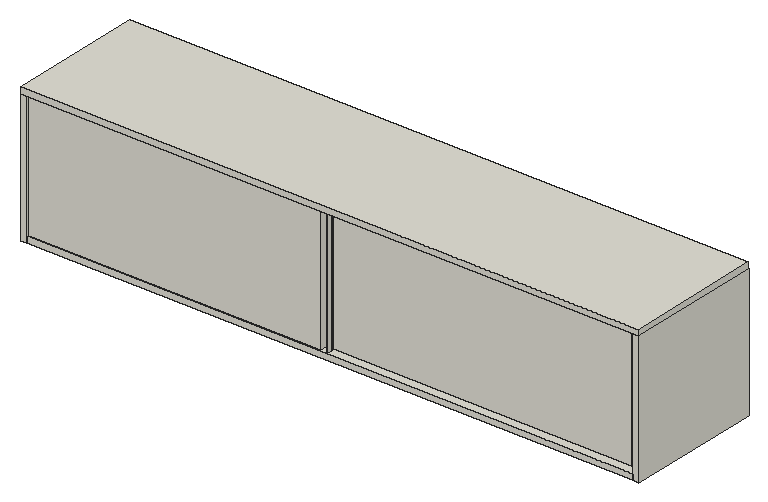
Revit family "Haworth_BeHold_OverheadStorage_SlidingDoor", category Furniture Systems, Revit 2018
Family settings
  Round Connector Dimension = Use Diameter
  Part Type = Normal
  OmniClass Number = 23.40.70.14.64.21
  OmniClass Title = Systems Furniture
  Work Plane-Based = No
  Always vertical = Yes
  Cut with Voids When Loaded = No
  Shared = No
  Room Calculation Point = No
Parameters (values of type "16h 72w - Double Sided")
  Width = 72.00"
  Warranty = "http://www.haworth.com/resources/product-info/warranties"
  URL - Product = "https://www.haworth.com/products/storage/cabinets-towers/be_hold"
  URL = "www.haworth.com"
  Sustainability Info = "https://www.haworth.com/company-info/sustainability"
  Standard Widths = "36, 42, 48, 54, 60, 66, 72in"  # constant formula
  Size = "Verify Final Dim. w/ Haworth"  # constant formula
  Single Sided = no
  Revision Number = "1"  # constant formula
  Mounting Height = 22.00"
  Model = "Haworth Be_Hold"  # constant formula
  Min. Width = 36.00"  # constant formula
  Max. Width = 72.00"  # constant formula
  Manufacturer = "Haworth"  # constant formula
  Double Sided Slots = not(Single Sided)  # yes
  Description = "Haworth - Be_Hold - Overhead Storage Unit - Sliding Door - Double Sided - 16h 72w"
  Custom Size = not(or(Width = 36.00", Width = 42.00", Width = 48.00", Width = 54.00", Width = 60.00", Width = 66.00", Width = 72.00"))  # no
  Cabinet Finish = Haworth _ Laminate _ Beige H-34
  Back Finish = Haworth _ Laminate _ Beige H-34
  Author = "Haworth (Abd Rahman)"  # constant formula
  Assembly Code = "E2020200"
  Actual Width = if(Width < Min. Width, Min. Width, if(Width > Max. Width, Max. Width, Width))  # 72.00"
  Actual Height = 16.00"  # constant formula
  Actual Depth = 15.94"  # constant formula
Types (4): name | Width | Single Sided | Double Sided Slots | Description | Actual Width
  16h 36w - Single Sided | 36.00" | yes | no | "Haworth - Be_Hold - Overhead Storage Unit - Sliding Door - Single Sided - 16h 36w" | 36.00"
  16h 72w - Single Sided | 72.00" | yes | no | "Haworth - Be_Hold - Overhead Storage Unit - Sliding Door - Single Sided - 16h 72w" | 72.00"
  16h 72w - Double Sided | 72.00" | no | yes | "Haworth - Be_Hold - Overhead Storage Unit - Sliding Door - Double Sided - 16h 72w" | 72.00"
  16h 36w - Double Sided | 36.00" | no | yes | "Haworth - Be_Hold - Overhead Storage Unit - Sliding Door - Double Sided - 16h 36w" | 36.00"
Reference planes (in)
  plane 1: z = 22
  plane 2 "Center L/R": x = -6.17556
  plane 3 "Center F/B": y = -11.5
  plane 4 "Top": z = 38
  plane 5 "Back": y = -3.53
  plane 6 "Front": y = -19.47
  plane 7 "Right": x = 29.82444
  plane 8 "Left": x = -42.17556
  plane 9: z = 37.28409
  plane 10: y = -5.01688
  plane 11: x = 29.07444
  plane 12: x = -41.42556
  plane 13: z = 22.71591
  plane 14: y = -4.33908
  plane 15: x = -6.53818
  plane 16: x = -5.78227
  plane 17: x = -7.30757
  plane 18: x = -41.32804
  plane 19: x = 28.21696
  plane 20: y = -17.65765
  plane 21: y = -18.40765
  plane 22: y = -18.53176
  plane 23: y = -19.28176
  plane 24: y = -4.59235
  plane 25: y = -5.34235
  plane 26: y = -4.46824
  plane 27: y = -3.71824
  plane 28: z = 24.32
Forms (in)
  Extrusion 1, solid, material "Haworth _ Laminate _ Beige H-34" <- "Cabinet Finish"
    sketch origin (0, 0, 0) x (1, 0, 0) y (0, 1, 0)
      loop
        line (-42.17556, -3.53) -> (-42.17556, -19.47) -> (29.82444, -19.47) -> (29.82444, -3.53) -> (-42.17556, -3.53)
    from 37.28409 to 38
  Extrusion 2, solid, material "Haworth _ Laminate _ Beige H-34" <- "Cabinet Finish", visible <- "Single Sided"
    sketch origin (0, 2.625, 0) x (1, 0, 0) y (0, 1, 0)
      loop
        line (-41.42556, -6.96408) -> (-41.42556, -7.64188) -> (29.07444, -7.64188) -> (29.07444, -6.96408) -> (-41.42556, -6.96408)
    from 22.71591 to 37.28409
  Extrusion 3, solid, material "Haworth _ Laminate _ Beige H-34" <- "Cabinet Finish"
    sketch origin (0, 0, 0) x (1, 0, 0) y (0, 1, 0)
      loop
        line (29.07444, -3.53) -> (29.07444, -19.47) -> (29.82444, -19.47) -> (29.82444, -3.53) -> (29.07444, -3.53)
    from 22 to 37.28409
  Extrusion 4, solid, material "Haworth _ Laminate _ Beige H-34" <- "Cabinet Finish"
    sketch origin (0, 0, 0) x (1, 0, 0) y (0, 1, 0)
      loop
        line (-42.17556, -3.53) -> (-42.17556, -19.47) -> (-41.42556, -19.47) -> (-41.42556, -3.53) -> (-42.17556, -3.53)
    from 22 to 37.28409
  Extrusion 5, solid, material "Haworth _ Laminate _ Beige H-34" <- "Cabinet Finish"
    sketch origin (0, 0, 6.71591) x (1, 0, 0) y (0, 1, 0)
      loop
        line (-41.42556, -3.53) -> (-41.42556, -19.47) -> (29.07444, -19.47) -> (29.07444, -3.53) -> (-41.42556, -3.53)
    from 16 to 15.28409
  Extrusion 6, solid, material "Haworth _ Laminate _ Beige H-34" <- "Cabinet Finish"
    sketch origin (0, 0, 0) x (1, 0, 0) y (0, 1, 0)
      loop
        line (-6.53818, -5.01688) -> (-6.53818, -17.53265) -> (-5.78227, -17.53265) -> (-5.78227, -5.01688) -> (-6.53818, -5.01688)
    from 22.71591 to 37.28409
  Extrusion 7, solid, material "Haworth _ Laminate _ Beige H-34" <- "Cabinet Finish"
    sketch origin (0, 0, 0) x (1, 0, 0) y (0, 1, 0)
      loop
        line (28.21696, -18.40765) -> (28.21696, -17.65765) -> (-6.53818, -17.65765) -> (-6.53818, -18.40765) -> (28.21696, -18.40765)
    from 22.71591 to 37.28409
  Extrusion 8, solid, material "Haworth _ Laminate _ Beige H-34" <- "Cabinet Finish"
    sketch origin (0, 0, 0) x (1, 0, 0) y (0, 1, 0)
      loop
        line (-41.32804, -18.53176) -> (-41.32804, -19.28176) -> (-7.30757, -19.28176) -> (-7.30757, -18.53176) -> (-41.32804, -18.53176)
    from 22.71591 to 37.28409
  Extrusion 9, solid, material "Haworth _ Laminate _ Beige H-34" <- "Cabinet Finish"
    sketch origin (0, 0, 0) x (1, 0, 0) y (0, 1, 0)
      loop
        line (-6.82589, -18.44265) -> (-8.03554, -18.44265) -> (-8.03554, -18.53265) -> (-6.81921, -18.53265)
        arc (-6.81921, -18.53265) -> (-6.68227, -18.58937) -> (-6.62554, -18.72632) r 0.19367
        line (-6.62554, -18.72632) -> (-6.62554, -19.28265) -> (-6.53554, -19.28265) -> (-6.53554, -18.73299)
        arc (-6.53554, -18.73299) -> (-6.62058, -18.52769) -> (-6.82589, -18.44265) r 0.29034
    from 22.71591 to 37.28409
  Extrusion 10, solid, material "Haworth _ Laminate _ Beige H-34" <- "Cabinet Finish"
    sketch origin (35.5425, 0.87461, 0) x (1, 0, 0) y (0, 1, 0)
      loop
        line (-6.82589, -18.44265) -> (-8.03554, -18.44265) -> (-8.03554, -18.53265) -> (-6.81921, -18.53265)
        arc (-6.81921, -18.53265) -> (-6.68227, -18.58937) -> (-6.62554, -18.72632) r 0.19367
        line (-6.62554, -18.72632) -> (-6.62554, -19.28265) -> (-6.53554, -19.28265) -> (-6.53554, -18.73299)
        arc (-6.53554, -18.73299) -> (-6.62058, -18.52769) -> (-6.82589, -18.44265) r 0.29034
    from 22.71591 to 37.28409
  Revolve 11, solid, material "Haworth _ Laminate _ Beige H-34" <- "Cabinet Finish", visible <- "Single Sided"
    sketch origin (0, 0, 24.32) x (1, 0, 0) y (0, 1, 0)
      loop
        line (-5.8813, -18.40765) -> (-5.8813, -18.53265) -> (-5.5688, -18.53265)
        arc (-5.5688, -18.53265) -> (-5.48041, -18.49603) -> (-5.4438, -18.40765) r 0.125
        line (-5.4438, -18.40765) -> (-5.8813, -18.40765)
      axis (-5.8813, -18.40765) -> (-5.8813, -18.53265)
    angle from 0 to 360
  Extrusion 12, solid, material "Haworth _ Laminate _ Beige H-34" <- "Cabinet Finish", visible <- "Double Sided Slots"
    sketch origin (0, -23, 0) x (1, 0, 0) y (0, 1, 0)
      loop
        line (28.21696, 18.40765) -> (-6.53818, 18.40765) -> (-6.53818, 17.65765) -> (28.21696, 17.65765) -> (28.21696, 18.40765)
    from 22.71591 to 37.28409
  Extrusion 13, solid, material "Haworth _ Laminate _ Beige H-34" <- "Cabinet Finish", visible <- "Double Sided Slots"
    sketch origin (0, -23, 0) x (1, 0, 0) y (0, 1, 0)
      loop
        line (-41.32804, 18.53176) -> (-7.30757, 18.53176) -> (-7.30757, 19.28176) -> (-41.32804, 19.28176) -> (-41.32804, 18.53176)
    from 22.71591 to 37.28409
  Extrusion 14, solid, material "Haworth _ Laminate _ Beige H-34" <- "Cabinet Finish", visible <- "Double Sided Slots"
    sketch origin (0, -23, 0) x (1, 0, 0) y (0, 1, 0)
      loop
        arc (-6.82589, 18.44265) -> (-6.62058, 18.52769) -> (-6.53554, 18.73299) r 0.29034
        line (-6.53554, 18.73299) -> (-6.53554, 19.28265) -> (-6.62554, 19.28265) -> (-6.62554, 18.72632)
        arc (-6.62554, 18.72632) -> (-6.68227, 18.58937) -> (-6.81921, 18.53265) r 0.19367
        line (-6.81921, 18.53265) -> (-8.03554, 18.53265) -> (-8.03554, 18.44265) -> (-6.82589, 18.44265)
    from 22.71591 to 37.28409
  Extrusion 15, solid, material "Haworth _ Laminate _ Beige H-34" <- "Cabinet Finish", visible <- "Double Sided Slots"
    sketch origin (35.5425, -23.87461, 0) x (1, 0, 0) y (0, 1, 0)
      loop
        arc (-6.82589, 18.44265) -> (-6.62058, 18.52769) -> (-6.53554, 18.73299) r 0.29034
        line (-6.53554, 18.73299) -> (-6.53554, 19.28265) -> (-6.62554, 19.28265) -> (-6.62554, 18.72632)
        arc (-6.62554, 18.72632) -> (-6.68227, 18.58937) -> (-6.81921, 18.53265) r 0.19367
        line (-6.81921, 18.53265) -> (-8.03554, 18.53265) -> (-8.03554, 18.44265) -> (-6.82589, 18.44265)
    from 22.71591 to 37.28409
Lines and regions (in)
  Masking region 1
    outline origin (0, 0, 0) x (1, 0, 0) y (0, 1, 0)
      loop
        line (-42.17556, -3.53) -> (-42.17556, -19.47) -> (29.82444, -19.47) -> (29.82444, -3.53) -> (-42.17556, -3.53)
Dimensions and locks (in)
  equal spacing: plane 8 "Left", plane 2 "Center L/R", plane 7 "Right"
  "Actual Width": plane 8 "Left" to plane 7 "Right"
  equal spacing: plane 5 "Back", plane 3 "Center F/B", plane 6 "Front"
  "Actual Depth": plane 5 "Back" to plane 6 "Front"
  plane 11 to plane 7 "Right" = 0.75"
  plane 8 "Left" to plane 12 = 0.75"
  locked: plane 4 "Top" to plane 9 at 0.71591
  plane 14 to plane 10 = 0.6778"
  locked: plane 19 to plane 11 at 0.85749
  locked: plane 12 to plane 18 at 0.09752
  locked: plane 17 to plane 2 "Center L/R" at 1.13202
  locked: plane 25 to plane 24 at 0.75
  locked: plane 20 to plane 21 at 0.75
  locked: plane 23 to plane 22 at 0.75
  locked: plane 26 to plane 27 at 0.75
  locked: plane 13 to plane 1 at 0.71591
  "Actual Height": plane 4 "Top" to plane 1
  "Mounting Height": plane 1 to level
  locked: plane 28 to plane 13 at 1.60409
  aligned and locked: plane 7 "Right" to Extrusion 1
  aligned and locked: plane 5 "Back" to Extrusion 1
  aligned and locked: Extrusion 1 to plane 8 "Left"
  aligned and locked: Extrusion 1 to plane 6 "Front"
  aligned and locked: plane 4 "Top" to Extrusion 1
  aligned and locked: Extrusion 1 to plane 9
  aligned and locked: Extrusion 3 sketch curve to plane 5 "Back"
  aligned and locked: Extrusion 3 sketch curve to Extrusion 1  (x2)
  aligned and locked: Extrusion 4 sketch curve to Extrusion 1  (x2)
  aligned and locked: plane 6 "Front" to Extrusion 4 sketch curve
  aligned and locked: Extrusion 4 to plane 12
  aligned and locked: Extrusion 3 sketch curve to plane 11
  aligned and locked: plane 11 to Extrusion 2 sketch curve
  aligned and locked: Extrusion 3 to plane 1
  aligned and locked: Extrusion 4 to plane 1
  aligned and locked: Extrusion 2 to plane 9
  aligned and locked: Extrusion 3 to plane 9
  aligned and locked: plane 9 to Extrusion 4
  aligned and locked: Extrusion 2 sketch curve to plane 12
  aligned and locked: plane 14 to Extrusion 2
  aligned and locked: Extrusion 2 to plane 10
  aligned and locked: plane 16 to Extrusion 6 sketch curve
  aligned and locked: Extrusion 6 sketch curve to plane 15
  aligned and locked: plane 10 to Extrusion 6 sketch curve
  aligned and locked: Extrusion 6 to plane 9
  aligned and locked: Extrusion 6 to plane 13
  aligned and locked: plane 7 "Right" to Masking region 1
  aligned and locked: plane 5 "Back" to Masking region 1
  aligned and locked: Masking region 1 to plane 6 "Front"
  aligned and locked: Masking region 1 to plane 8 "Left"
  aligned and locked: plane 12 to Extrusion 5
  aligned and locked: Extrusion 5 to plane 11
  aligned and locked: Extrusion 2 to plane 13
  aligned and locked: plane 19 to Extrusion 7
  aligned and locked: Extrusion 8 to plane 18
  aligned and locked: plane 17 to Extrusion 8
  aligned and locked: plane 15 to Extrusion 7
  aligned and locked: Extrusion 13 to plane 18
  aligned and locked: plane 17 to Extrusion 13
  aligned and locked: plane 19 to Extrusion 12
  aligned and locked: Extrusion 12 to plane 25
  aligned and locked: Extrusion 12 to plane 24
  aligned and locked: plane 20 to Extrusion 7
  aligned and locked: Extrusion 7 to plane 21
  aligned and locked: plane 23 to Extrusion 8
  aligned and locked: Extrusion 8 to plane 22
  aligned and locked: Extrusion 13 to plane 27
  aligned and locked: plane 26 to Extrusion 13
  aligned and locked: Extrusion 7 to plane 9
  aligned and locked: Extrusion 8 to plane 9
  aligned and locked: Extrusion 12 to plane 9
  aligned and locked: Extrusion 13 to plane 9
  aligned and locked: Extrusion 7 to plane 13
  aligned and locked: Extrusion 8 to plane 13
  aligned and locked: Extrusion 9 to plane 9
  aligned and locked: Extrusion 9 to plane 13
  aligned and locked: Extrusion 14 to plane 9
  aligned and locked: Extrusion 14 to plane 13
  aligned and locked: Extrusion 15 to plane 9
  aligned and locked: plane 13 to Extrusion 10
  aligned and locked: Extrusion 10 to plane 9
  aligned and locked: Extrusion 15 to plane 13
  aligned and locked: Extrusion 12 to plane 13
  aligned and locked: Extrusion 13 to plane 13
  aligned and locked: plane 13 to Extrusion 5
  aligned and locked: Extrusion 5 to plane 1
  aligned and locked: plane 28 to Revolve 11
Automatic sketch dimensions
  Extrusion 1 sketch curve to plane 6 "Front" = 0.00"
  Extrusion 1 sketch curve to plane 8 "Left" = 0.00"
  Extrusion 1 sketch curve to plane 7 "Right" = 0.00"
  Extrusion 1 sketch curve to plane 5 "Back" = 0.00"
  plane 10 to Extrusion 2 sketch curve = 0.00"
  Extrusion 2 sketch curve to plane 14 = 0.00"
  Extrusion 4 sketch curve to plane 12 = 0.00"
  Extrusion 5 sketch curve to plane 6 "Front" = 0.00"
  Extrusion 5 sketch curve to plane 12 = 0.00"
  Extrusion 5 sketch curve to plane 11 = 0.00"
  Extrusion 5 sketch curve to plane 5 "Back" = 0.00"
  plane 6 "Front" to Extrusion 6 sketch curve = 1.93735"
  Masking region 1 sketch curve to plane 6 "Front" = 0.00"
  Masking region 1 sketch curve to plane 8 "Left" = 0.00"
  Masking region 1 sketch curve to plane 7 "Right" = 0.00"
  Masking region 1 sketch curve to plane 5 "Back" = 0.00"
  Extrusion 7 sketch curve to plane 15 = 0.00"
  plane 19 to Extrusion 7 sketch curve = 0.00"
  plane 6 "Front" to Extrusion 7 sketch curve = 1.06235"
  Extrusion 7 sketch curve to Extrusion 7 sketch curve = 0.75"
  Extrusion 8 sketch curve to plane 18 = 0.00"
  Extrusion 8 sketch curve to plane 17 = 0.00"
  plane 6 "Front" to Extrusion 8 sketch curve = 0.18824"
  Extrusion 8 sketch curve to Extrusion 8 sketch curve = 0.75"
  Extrusion 9 sketch curve to plane 17 = 0.72797"
  plane 15 to Extrusion 9 sketch curve = 0.28771"
  Extrusion 9 sketch curve to Extrusion 9 sketch curve = 0.00667"  (x2)
  plane 15 to Extrusion 9 sketch curve = 0.08736"
  Extrusion 9 sketch curve to plane 15 = 0.00264"
  plane 6 "Front" to Extrusion 9 sketch curve = 0.18735"
  Extrusion 9 sketch curve to Extrusion 9 sketch curve = 0.54965"
  Extrusion 10 sketch curve to plane 19 = 0.71"
  plane 11 to Extrusion 10 sketch curve = 0.35783"
  Extrusion 10 sketch curve to Extrusion 10 sketch curve = 0.00667"  (x2)
  plane 11 to Extrusion 10 sketch curve = 0.15748"
  plane 11 to Extrusion 10 sketch curve = 0.06748"
  plane 6 "Front" to Extrusion 10 sketch curve = 1.06196"
  Extrusion 10 sketch curve to Extrusion 10 sketch curve = 0.54965"
  plane 16 to Revolve 11 sketch curve = 0.09902"
  Revolve 11 sketch curve to plane 16 = 0.21348"
  Revolve 11 sketch curve to Revolve 11 sketch curve = 0.125"
  plane 6 "Front" to Revolve 11 sketch curve = 0.93735"
  Revolve 11 sketch curve to Revolve 11 sketch curve = 0.00"  (x3)
  Extrusion 12 sketch curve to plane 15 = 0.00"
  Extrusion 12 sketch curve to plane 19 = 0.00"
  plane 14 to Extrusion 12 sketch curve = 0.25328"
  Extrusion 12 sketch curve to plane 10 = 0.32548"
  plane 18 to Extrusion 13 sketch curve = 0.00"
  Extrusion 13 sketch curve to plane 17 = 0.00"
  plane 5 "Back" to Extrusion 13 sketch curve = 0.18824"
  plane 14 to Extrusion 13 sketch curve = 0.12917"
  plane 14 to Extrusion 14 sketch curve = 0.21828"
  plane 17 to Extrusion 14 sketch curve = 0.72797"
  Extrusion 14 sketch curve to plane 14 = 0.07207"
  Extrusion 14 sketch curve to plane 15 = 0.28771"
  Extrusion 14 sketch curve to Extrusion 14 sketch curve = 0.00667"
  Extrusion 14 sketch curve to plane 15 = 0.08736"
  plane 5 "Back" to Extrusion 14 sketch curve = 0.18735"
  Extrusion 14 sketch curve to plane 14 = 0.0654"
  plane 19 to Extrusion 15 sketch curve = 0.71"
  Extrusion 15 sketch curve to plane 10 = 0.12474"
  Extrusion 15 sketch curve to plane 11 = 0.35783"
  Extrusion 15 sketch curve to Extrusion 15 sketch curve = 0.00667"  (x2)
  Extrusion 15 sketch curve to plane 11 = 0.15748"
  Extrusion 15 sketch curve to plane 11 = 0.06748"
  plane 14 to Extrusion 15 sketch curve = 0.25288"
